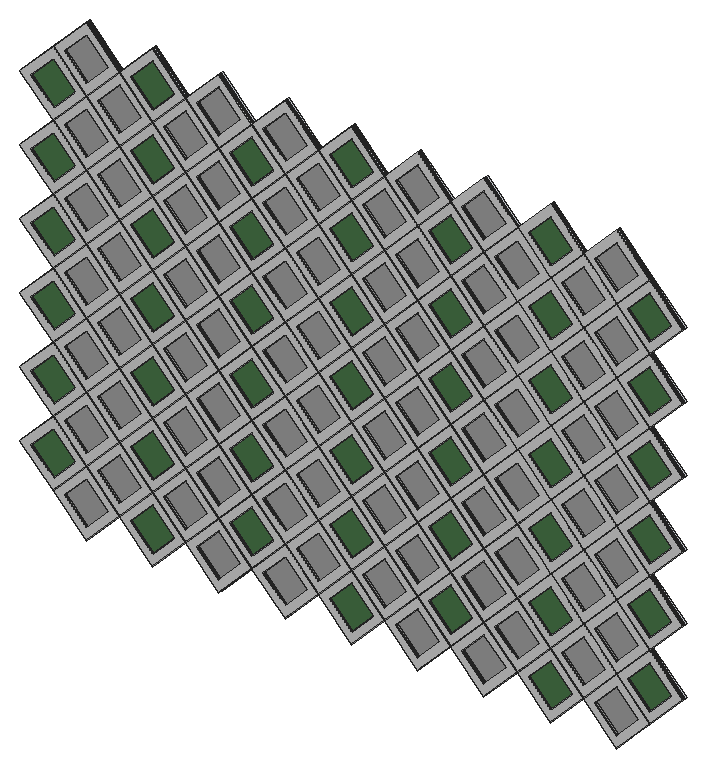
Revit family "SUR-STK-047_RITRATTO_RFA", category Modelos genéricos, Revit 2022 (continued)
Forms (in)
  Extrusion 322, solid
    sketch origin (127.27922, 0, 76.36753) x (1, 0, 0) y (0, 0, 1)
      loop
        line (11.31371, 8.48528) -> (16.97056, 2.82843) -> (22.62742, 8.48528) -> (16.97056, 14.14214) -> (11.31371, 8.48528)
      loop
        line (8.48528, 8.48528) -> (16.97056, 0) -> (25.45584, 8.48528) -> (16.97056, 16.97056) -> (8.48528, 8.48528)
    from 0.47244 to 0.94488
  Extrusion 323, solid
    sketch origin (127.27922, -0.5315, 76.36753) x (1, 0, 0) y (0, 0, 1)
      loop
        line (11.31371, 8.48528) -> (16.97056, 2.82843) -> (22.62742, 8.48528) -> (16.97056, 14.14214) -> (11.31371, 8.48528)
      loop
        line (8.48528, 8.48528) -> (16.97056, 0) -> (25.45584, 8.48528) -> (16.97056, 16.97056) -> (8.48528, 8.48528)
    from 0.41339 to 0.5315
  Extrusion 324, solid
    sketch origin (127.27922, 0.47244, 76.36753) x (1, 0, 0) y (0, 0, 1)
      loop
        line (8.48528, 8.48528) -> (16.97056, 0) -> (25.45584, 8.48528) -> (16.97056, 16.97056) -> (8.48528, 8.48528)
    from 0.47244 to 0.94488
  Extrusion 325, solid
    sketch origin (135.7645, 0, 67.88225) x (1, 0, 0) y (0, 0, 1)
      loop
        line (11.31371, 8.48528) -> (16.97056, 2.82843) -> (22.62742, 8.48528) -> (16.97056, 14.14214) -> (11.31371, 8.48528)
      loop
        line (8.48528, 8.48528) -> (16.97056, 0) -> (25.45584, 8.48528) -> (16.97056, 16.97056) -> (8.48528, 8.48528)
    from 0.47244 to 0.94488
  Extrusion 326, solid
    sketch origin (135.7645, -0.5315, 67.88225) x (1, 0, 0) y (0, 0, 1)
      loop
        line (11.31371, 8.48528) -> (16.97056, 2.82843) -> (22.62742, 8.48528) -> (16.97056, 14.14214) -> (11.31371, 8.48528)
      loop
        line (8.48528, 8.48528) -> (16.97056, 0) -> (25.45584, 8.48528) -> (16.97056, 16.97056) -> (8.48528, 8.48528)
    from 0.41339 to 0.5315
  Extrusion 327, solid
    sketch origin (135.7645, 0.47244, 67.88225) x (1, 0, 0) y (0, 0, 1)
      loop
        line (8.48528, 8.48528) -> (16.97056, 0) -> (25.45584, 8.48528) -> (16.97056, 16.97056) -> (8.48528, 8.48528)
    from 0.47244 to 0.94488
  Extrusion 328, solid
    sketch origin (0, 0, 84.85281) x (1, 0, 0) y (0, 0, 1)
      loop
        line (11.31371, 8.48528) -> (16.97056, 2.82843) -> (22.62742, 8.48528) -> (16.97056, 14.14214) -> (11.31371, 8.48528)
      loop
        line (8.48528, 8.48528) -> (16.97056, 0) -> (25.45584, 8.48528) -> (16.97056, 16.97056) -> (8.48528, 8.48528)
    from 0.47244 to 0.94488
  Extrusion 329, solid
    sketch origin (0, -0.5315, 84.85281) x (1, 0, 0) y (0, 0, 1)
      loop
        line (11.31371, 8.48528) -> (16.97056, 2.82843) -> (22.62742, 8.48528) -> (16.97056, 14.14214) -> (11.31371, 8.48528)
      loop
        line (8.48528, 8.48528) -> (16.97056, 0) -> (25.45584, 8.48528) -> (16.97056, 16.97056) -> (8.48528, 8.48528)
    from 0.41339 to 0.5315
  Extrusion 330, solid
    sketch origin (0, 0.47244, 84.85281) x (1, 0, 0) y (0, 0, 1)
      loop
        line (8.48528, 8.48528) -> (16.97056, 0) -> (25.45584, 8.48528) -> (16.97056, 16.97056) -> (8.48528, 8.48528)
    from 0.47244 to 0.94488
  Extrusion 331, solid
    sketch origin (-8.48528, 0, 93.3381) x (1, 0, 0) y (0, 0, 1)
      loop
        line (11.31371, 8.48528) -> (16.97056, 2.82843) -> (22.62742, 8.48528) -> (16.97056, 14.14214) -> (11.31371, 8.48528)
      loop
        line (8.48528, 8.48528) -> (16.97056, 0) -> (25.45584, 8.48528) -> (16.97056, 16.97056) -> (8.48528, 8.48528)
    from 0.47244 to 0.94488
  Extrusion 332, solid
    sketch origin (-8.48528, -0.5315, 93.3381) x (1, 0, 0) y (0, 0, 1)
      loop
        line (11.31371, 8.48528) -> (16.97056, 2.82843) -> (22.62742, 8.48528) -> (16.97056, 14.14214) -> (11.31371, 8.48528)
      loop
        line (8.48528, 8.48528) -> (16.97056, 0) -> (25.45584, 8.48528) -> (16.97056, 16.97056) -> (8.48528, 8.48528)
    from 0.41339 to 0.5315
  Extrusion 333, solid
    sketch origin (-8.48528, 0.47244, 93.3381) x (1, 0, 0) y (0, 0, 1)
      loop
        line (8.48528, 8.48528) -> (16.97056, 0) -> (25.45584, 8.48528) -> (16.97056, 16.97056) -> (8.48528, 8.48528)
    from 0.47244 to 0.94488
  Extrusion 334, solid
    sketch origin (0, 0, 84.85281) x (1, 0, 0) y (0, 0, 1)
      loop
        line (8.48528, 11.31371) -> (14.14214, 16.97056) -> (8.48528, 22.62742) -> (2.82843, 16.97056) -> (8.48528, 11.31371)
    from 0.47244 to 0.70866
  Extrusion 335, solid
    sketch origin (8.48528, 0, 93.3381) x (1, 0, 0) y (0, 0, 1)
      loop
        line (11.31371, 8.48528) -> (16.97056, 2.82843) -> (22.62742, 8.48528) -> (16.97056, 14.14214) -> (11.31371, 8.48528)
      loop
        line (8.48528, 8.48528) -> (16.97056, 0) -> (25.45584, 8.48528) -> (16.97056, 16.97056) -> (8.48528, 8.48528)
    from 0.47244 to 0.94488
  Extrusion 336, solid
    sketch origin (8.48528, -0.5315, 93.3381) x (1, 0, 0) y (0, 0, 1)
      loop
        line (11.31371, 8.48528) -> (16.97056, 2.82843) -> (22.62742, 8.48528) -> (16.97056, 14.14214) -> (11.31371, 8.48528)
      loop
        line (8.48528, 8.48528) -> (16.97056, 0) -> (25.45584, 8.48528) -> (16.97056, 16.97056) -> (8.48528, 8.48528)
    from 0.41339 to 0.5315
  Extrusion 337, solid
    sketch origin (8.48528, 0.47244, 93.3381) x (1, 0, 0) y (0, 0, 1)
      loop
        line (8.48528, 8.48528) -> (16.97056, 0) -> (25.45584, 8.48528) -> (16.97056, 16.97056) -> (8.48528, 8.48528)
    from 0.47244 to 0.94488
  Extrusion 338, solid
    sketch origin (16.97056, 0, 84.85281) x (1, 0, 0) y (0, 0, 1)
      loop
        line (11.31371, 8.48528) -> (16.97056, 2.82843) -> (22.62742, 8.48528) -> (16.97056, 14.14214) -> (11.31371, 8.48528)
      loop
        line (8.48528, 8.48528) -> (16.97056, 0) -> (25.45584, 8.48528) -> (16.97056, 16.97056) -> (8.48528, 8.48528)
    from 0.47244 to 0.94488
  Extrusion 339, solid
    sketch origin (16.97056, -0.5315, 84.85281) x (1, 0, 0) y (0, 0, 1)
      loop
        line (11.31371, 8.48528) -> (16.97056, 2.82843) -> (22.62742, 8.48528) -> (16.97056, 14.14214) -> (11.31371, 8.48528)
      loop
        line (8.48528, 8.48528) -> (16.97056, 0) -> (25.45584, 8.48528) -> (16.97056, 16.97056) -> (8.48528, 8.48528)
    from 0.41339 to 0.5315
  Extrusion 340, solid
    sketch origin (16.97056, 0.47244, 84.85281) x (1, 0, 0) y (0, 0, 1)
      loop
        line (8.48528, 8.48528) -> (16.97056, 0) -> (25.45584, 8.48528) -> (16.97056, 16.97056) -> (8.48528, 8.48528)
    from 0.47244 to 0.94488
  Extrusion 341, solid
    sketch origin (25.45584, 0, 76.36753) x (1, 0, 0) y (0, 0, 1)
      loop
        line (8.48528, 11.31371) -> (14.14214, 16.97056) -> (8.48528, 22.62742) -> (2.82843, 16.97056) -> (8.48528, 11.31371)
    from 0.47244 to 0.70866
  Extrusion 342, solid
    sketch origin (33.94113, 0, 84.85281) x (1, 0, 0) y (0, 0, 1)
      loop
        line (11.31371, 8.48528) -> (16.97056, 2.82843) -> (22.62742, 8.48528) -> (16.97056, 14.14214) -> (11.31371, 8.48528)
      loop
        line (8.48528, 8.48528) -> (16.97056, 0) -> (25.45584, 8.48528) -> (16.97056, 16.97056) -> (8.48528, 8.48528)
    from 0.47244 to 0.94488
  Extrusion 343, solid
    sketch origin (33.94113, -0.5315, 84.85281) x (1, 0, 0) y (0, 0, 1)
      loop
        line (11.31371, 8.48528) -> (16.97056, 2.82843) -> (22.62742, 8.48528) -> (16.97056, 14.14214) -> (11.31371, 8.48528)
      loop
        line (8.48528, 8.48528) -> (16.97056, 0) -> (25.45584, 8.48528) -> (16.97056, 16.97056) -> (8.48528, 8.48528)
    from 0.41339 to 0.5315
  Extrusion 344, solid
    sketch origin (33.94113, 0.47244, 84.85281) x (1, 0, 0) y (0, 0, 1)
      loop
        line (8.48528, 8.48528) -> (16.97056, 0) -> (25.45584, 8.48528) -> (16.97056, 16.97056) -> (8.48528, 8.48528)
    from 0.47244 to 0.94488
  Extrusion 345, solid
    sketch origin (50.91169, 0, 84.85281) x (1, 0, 0) y (0, 0, 1)
      loop
        line (11.31371, 8.48528) -> (16.97056, 2.82843) -> (22.62742, 8.48528) -> (16.97056, 14.14214) -> (11.31371, 8.48528)
      loop
        line (8.48528, 8.48528) -> (16.97056, 0) -> (25.45584, 8.48528) -> (16.97056, 16.97056) -> (8.48528, 8.48528)
    from 0.47244 to 0.94488
  Extrusion 346, solid
    sketch origin (50.91169, -0.5315, 84.85281) x (1, 0, 0) y (0, 0, 1)
      loop
        line (11.31371, 8.48528) -> (16.97056, 2.82843) -> (22.62742, 8.48528) -> (16.97056, 14.14214) -> (11.31371, 8.48528)
      loop
        line (8.48528, 8.48528) -> (16.97056, 0) -> (25.45584, 8.48528) -> (16.97056, 16.97056) -> (8.48528, 8.48528)
    from 0.41339 to 0.5315
  Extrusion 347, solid
    sketch origin (50.91169, 0.47244, 84.85281) x (1, 0, 0) y (0, 0, 1)
      loop
        line (8.48528, 8.48528) -> (16.97056, 0) -> (25.45584, 8.48528) -> (16.97056, 16.97056) -> (8.48528, 8.48528)
    from 0.47244 to 0.94488
  Extrusion 348, solid
    sketch origin (25.45584, 0, 93.3381) x (1, 0, 0) y (0, 0, 1)
      loop
        line (11.31371, 8.48528) -> (16.97056, 2.82843) -> (22.62742, 8.48528) -> (16.97056, 14.14214) -> (11.31371, 8.48528)
      loop
        line (8.48528, 8.48528) -> (16.97056, 0) -> (25.45584, 8.48528) -> (16.97056, 16.97056) -> (8.48528, 8.48528)
    from 0.47244 to 0.94488
  Extrusion 349, solid
    sketch origin (25.45584, -0.5315, 93.3381) x (1, 0, 0) y (0, 0, 1)
      loop
        line (11.31371, 8.48528) -> (16.97056, 2.82843) -> (22.62742, 8.48528) -> (16.97056, 14.14214) -> (11.31371, 8.48528)
      loop
        line (8.48528, 8.48528) -> (16.97056, 0) -> (25.45584, 8.48528) -> (16.97056, 16.97056) -> (8.48528, 8.48528)
    from 0.41339 to 0.5315
  Extrusion 350, solid
    sketch origin (25.45584, 0.47244, 93.3381) x (1, 0, 0) y (0, 0, 1)
      loop
        line (8.48528, 8.48528) -> (16.97056, 0) -> (25.45584, 8.48528) -> (16.97056, 16.97056) -> (8.48528, 8.48528)
    from 0.47244 to 0.94488
  Extrusion 351, solid
    sketch origin (59.39697, 0, 93.3381) x (1, 0, 0) y (0, 0, 1)
      loop
        line (11.31371, 8.48528) -> (16.97056, 2.82843) -> (22.62742, 8.48528) -> (16.97056, 14.14214) -> (11.31371, 8.48528)
      loop
        line (8.48528, 8.48528) -> (16.97056, 0) -> (25.45584, 8.48528) -> (16.97056, 16.97056) -> (8.48528, 8.48528)
    from 0.47244 to 0.94488
  Extrusion 352, solid
    sketch origin (59.39697, -0.5315, 93.3381) x (1, 0, 0) y (0, 0, 1)
      loop
        line (11.31371, 8.48528) -> (16.97056, 2.82843) -> (22.62742, 8.48528) -> (16.97056, 14.14214) -> (11.31371, 8.48528)
      loop
        line (8.48528, 8.48528) -> (16.97056, 0) -> (25.45584, 8.48528) -> (16.97056, 16.97056) -> (8.48528, 8.48528)
    from 0.41339 to 0.5315
  Extrusion 353, solid
    sketch origin (59.39697, 0.47244, 93.3381) x (1, 0, 0) y (0, 0, 1)
      loop
        line (8.48528, 8.48528) -> (16.97056, 0) -> (25.45584, 8.48528) -> (16.97056, 16.97056) -> (8.48528, 8.48528)
    from 0.47244 to 0.94488
  Extrusion 354, solid
    sketch origin (42.42641, 0, 93.3381) x (1, 0, 0) y (0, 0, 1)
      loop
        line (11.31371, 8.48528) -> (16.97056, 2.82843) -> (22.62742, 8.48528) -> (16.97056, 14.14214) -> (11.31371, 8.48528)
      loop
        line (8.48528, 8.48528) -> (16.97056, 0) -> (25.45584, 8.48528) -> (16.97056, 16.97056) -> (8.48528, 8.48528)
    from 0.47244 to 0.94488
  Extrusion 355, solid
    sketch origin (42.42641, -0.5315, 93.3381) x (1, 0, 0) y (0, 0, 1)
      loop
        line (11.31371, 8.48528) -> (16.97056, 2.82843) -> (22.62742, 8.48528) -> (16.97056, 14.14214) -> (11.31371, 8.48528)
      loop
        line (8.48528, 8.48528) -> (16.97056, 0) -> (25.45584, 8.48528) -> (16.97056, 16.97056) -> (8.48528, 8.48528)
    from 0.41339 to 0.5315
  Extrusion 356, solid
    sketch origin (42.42641, 0.47244, 93.3381) x (1, 0, 0) y (0, 0, 1)
      loop
        line (8.48528, 8.48528) -> (16.97056, 0) -> (25.45584, 8.48528) -> (16.97056, 16.97056) -> (8.48528, 8.48528)
    from 0.47244 to 0.94488
  Extrusion 357, solid
    sketch origin (50.91169, 0, 84.85281) x (1, 0, 0) y (0, 0, 1)
      loop
        line (8.48528, 11.31371) -> (14.14214, 16.97056) -> (8.48528, 22.62742) -> (2.82843, 16.97056) -> (8.48528, 11.31371)
    from 0.47244 to 0.70866
  Extrusion 358, solid
    sketch origin (67.88225, 0, 84.85281) x (1, 0, 0) y (0, 0, 1)
      loop
        line (11.31371, 8.48528) -> (16.97056, 2.82843) -> (22.62742, 8.48528) -> (16.97056, 14.14214) -> (11.31371, 8.48528)
      loop
        line (8.48528, 8.48528) -> (16.97056, 0) -> (25.45584, 8.48528) -> (16.97056, 16.97056) -> (8.48528, 8.48528)
    from 0.47244 to 0.94488
  Extrusion 359, solid
    sketch origin (67.88225, -0.5315, 84.85281) x (1, 0, 0) y (0, 0, 1)
      loop
        line (11.31371, 8.48528) -> (16.97056, 2.82843) -> (22.62742, 8.48528) -> (16.97056, 14.14214) -> (11.31371, 8.48528)
      loop
        line (8.48528, 8.48528) -> (16.97056, 0) -> (25.45584, 8.48528) -> (16.97056, 16.97056) -> (8.48528, 8.48528)
    from 0.41339 to 0.5315
  Extrusion 360, solid
    sketch origin (67.88225, 0.47244, 84.85281) x (1, 0, 0) y (0, 0, 1)
      loop
        line (8.48528, 8.48528) -> (16.97056, 0) -> (25.45584, 8.48528) -> (16.97056, 16.97056) -> (8.48528, 8.48528)
    from 0.47244 to 0.94488
  Extrusion 361, solid
    sketch origin (76.36753, 0, 76.36753) x (1, 0, 0) y (0, 0, 1)
      loop
        line (8.48528, 11.31371) -> (14.14214, 16.97056) -> (8.48528, 22.62742) -> (2.82843, 16.97056) -> (8.48528, 11.31371)
    from 0.47244 to 0.70866
  Extrusion 362, solid
    sketch origin (76.36753, 0, 93.3381) x (1, 0, 0) y (0, 0, 1)
      loop
        line (11.31371, 8.48528) -> (16.97056, 2.82843) -> (22.62742, 8.48528) -> (16.97056, 14.14214) -> (11.31371, 8.48528)
      loop
        line (8.48528, 8.48528) -> (16.97056, 0) -> (25.45584, 8.48528) -> (16.97056, 16.97056) -> (8.48528, 8.48528)
    from 0.47244 to 0.94488
  Extrusion 363, solid
    sketch origin (76.36753, -0.5315, 93.3381) x (1, 0, 0) y (0, 0, 1)
      loop
        line (11.31371, 8.48528) -> (16.97056, 2.82843) -> (22.62742, 8.48528) -> (16.97056, 14.14214) -> (11.31371, 8.48528)
      loop
        line (8.48528, 8.48528) -> (16.97056, 0) -> (25.45584, 8.48528) -> (16.97056, 16.97056) -> (8.48528, 8.48528)
    from 0.41339 to 0.5315
  Extrusion 364, solid
    sketch origin (76.36753, 0.47244, 93.3381) x (1, 0, 0) y (0, 0, 1)
      loop
        line (8.48528, 8.48528) -> (16.97056, 0) -> (25.45584, 8.48528) -> (16.97056, 16.97056) -> (8.48528, 8.48528)
    from 0.47244 to 0.94488
  Extrusion 365, solid
    sketch origin (84.85281, 0, 84.85281) x (1, 0, 0) y (0, 0, 1)
      loop
        line (11.31371, 8.48528) -> (16.97056, 2.82843) -> (22.62742, 8.48528) -> (16.97056, 14.14214) -> (11.31371, 8.48528)
      loop
        line (8.48528, 8.48528) -> (16.97056, 0) -> (25.45584, 8.48528) -> (16.97056, 16.97056) -> (8.48528, 8.48528)
    from 0.47244 to 0.94488
  Extrusion 366, solid
    sketch origin (84.85281, -0.5315, 84.85281) x (1, 0, 0) y (0, 0, 1)
      loop
        line (11.31371, 8.48528) -> (16.97056, 2.82843) -> (22.62742, 8.48528) -> (16.97056, 14.14214) -> (11.31371, 8.48528)
      loop
        line (8.48528, 8.48528) -> (16.97056, 0) -> (25.45584, 8.48528) -> (16.97056, 16.97056) -> (8.48528, 8.48528)
    from 0.41339 to 0.5315
  Extrusion 367, solid
    sketch origin (84.85281, 0.47244, 84.85281) x (1, 0, 0) y (0, 0, 1)
      loop
        line (8.48528, 8.48528) -> (16.97056, 0) -> (25.45584, 8.48528) -> (16.97056, 16.97056) -> (8.48528, 8.48528)
    from 0.47244 to 0.94488
  Extrusion 368, solid
    sketch origin (101.82338, 0, 84.85281) x (1, 0, 0) y (0, 0, 1)
      loop
        line (11.31371, 8.48528) -> (16.97056, 2.82843) -> (22.62742, 8.48528) -> (16.97056, 14.14214) -> (11.31371, 8.48528)
      loop
        line (8.48528, 8.48528) -> (16.97056, 0) -> (25.45584, 8.48528) -> (16.97056, 16.97056) -> (8.48528, 8.48528)
    from 0.47244 to 0.94488
  Extrusion 369, solid
    sketch origin (101.82338, -0.5315, 84.85281) x (1, 0, 0) y (0, 0, 1)
      loop
        line (11.31371, 8.48528) -> (16.97056, 2.82843) -> (22.62742, 8.48528) -> (16.97056, 14.14214) -> (11.31371, 8.48528)
      loop
        line (8.48528, 8.48528) -> (16.97056, 0) -> (25.45584, 8.48528) -> (16.97056, 16.97056) -> (8.48528, 8.48528)
    from 0.41339 to 0.5315
  Extrusion 370, solid
    sketch origin (101.82338, 0.47244, 84.85281) x (1, 0, 0) y (0, 0, 1)
      loop
        line (8.48528, 8.48528) -> (16.97056, 0) -> (25.45584, 8.48528) -> (16.97056, 16.97056) -> (8.48528, 8.48528)
    from 0.47244 to 0.94488
  Extrusion 371, solid
    sketch origin (110.30866, 0, 93.3381) x (1, 0, 0) y (0, 0, 1)
      loop
        line (11.31371, 8.48528) -> (16.97056, 2.82843) -> (22.62742, 8.48528) -> (16.97056, 14.14214) -> (11.31371, 8.48528)
      loop
        line (8.48528, 8.48528) -> (16.97056, 0) -> (25.45584, 8.48528) -> (16.97056, 16.97056) -> (8.48528, 8.48528)
    from 0.47244 to 0.94488
  Extrusion 372, solid
    sketch origin (110.30866, -0.5315, 93.3381) x (1, 0, 0) y (0, 0, 1)
      loop
        line (11.31371, 8.48528) -> (16.97056, 2.82843) -> (22.62742, 8.48528) -> (16.97056, 14.14214) -> (11.31371, 8.48528)
      loop
        line (8.48528, 8.48528) -> (16.97056, 0) -> (25.45584, 8.48528) -> (16.97056, 16.97056) -> (8.48528, 8.48528)
    from 0.41339 to 0.5315
  Extrusion 373, solid
    sketch origin (110.30866, 0.47244, 93.3381) x (1, 0, 0) y (0, 0, 1)
      loop
        line (8.48528, 8.48528) -> (16.97056, 0) -> (25.45584, 8.48528) -> (16.97056, 16.97056) -> (8.48528, 8.48528)
    from 0.47244 to 0.94488
  Extrusion 374, solid
    sketch origin (93.3381, 0, 93.3381) x (1, 0, 0) y (0, 0, 1)
      loop
        line (11.31371, 8.48528) -> (16.97056, 2.82843) -> (22.62742, 8.48528) -> (16.97056, 14.14214) -> (11.31371, 8.48528)
      loop
        line (8.48528, 8.48528) -> (16.97056, 0) -> (25.45584, 8.48528) -> (16.97056, 16.97056) -> (8.48528, 8.48528)
    from 0.47244 to 0.94488
  Extrusion 375, solid
    sketch origin (93.3381, -0.5315, 93.3381) x (1, 0, 0) y (0, 0, 1)
      loop
        line (11.31371, 8.48528) -> (16.97056, 2.82843) -> (22.62742, 8.48528) -> (16.97056, 14.14214) -> (11.31371, 8.48528)
      loop
        line (8.48528, 8.48528) -> (16.97056, 0) -> (25.45584, 8.48528) -> (16.97056, 16.97056) -> (8.48528, 8.48528)
    from 0.41339 to 0.5315
  Extrusion 376, solid
    sketch origin (93.3381, 0.47244, 93.3381) x (1, 0, 0) y (0, 0, 1)
      loop
        line (8.48528, 8.48528) -> (16.97056, 0) -> (25.45584, 8.48528) -> (16.97056, 16.97056) -> (8.48528, 8.48528)
    from 0.47244 to 0.94488
  Extrusion 377, solid
    sketch origin (101.82338, 0, 84.85281) x (1, 0, 0) y (0, 0, 1)
      loop
        line (8.48528, 11.31371) -> (14.14214, 16.97056) -> (8.48528, 22.62742) -> (2.82843, 16.97056) -> (8.48528, 11.31371)
    from 0.47244 to 0.70866
  Extrusion 378, solid
    sketch origin (118.79394, 0, 84.85281) x (1, 0, 0) y (0, 0, 1)
      loop
        line (11.31371, 8.48528) -> (16.97056, 2.82843) -> (22.62742, 8.48528) -> (16.97056, 14.14214) -> (11.31371, 8.48528)
      loop
        line (8.48528, 8.48528) -> (16.97056, 0) -> (25.45584, 8.48528) -> (16.97056, 16.97056) -> (8.48528, 8.48528)
    from 0.47244 to 0.94488
  Extrusion 379, solid
    sketch origin (118.79394, -0.5315, 84.85281) x (1, 0, 0) y (0, 0, 1)
      loop
        line (11.31371, 8.48528) -> (16.97056, 2.82843) -> (22.62742, 8.48528) -> (16.97056, 14.14214) -> (11.31371, 8.48528)
      loop
        line (8.48528, 8.48528) -> (16.97056, 0) -> (25.45584, 8.48528) -> (16.97056, 16.97056) -> (8.48528, 8.48528)
    from 0.41339 to 0.5315
  Extrusion 380, solid
    sketch origin (118.79394, 0.47244, 84.85281) x (1, 0, 0) y (0, 0, 1)
      loop
        line (8.48528, 8.48528) -> (16.97056, 0) -> (25.45584, 8.48528) -> (16.97056, 16.97056) -> (8.48528, 8.48528)
    from 0.47244 to 0.94488
  Extrusion 381, solid
    sketch origin (127.27922, 0, 76.36753) x (1, 0, 0) y (0, 0, 1)
      loop
        line (8.48528, 11.31371) -> (14.14214, 16.97056) -> (8.48528, 22.62742) -> (2.82843, 16.97056) -> (8.48528, 11.31371)
    from 0.47244 to 0.70866
  Extrusion 382, solid
    sketch origin (144.24978, 0, 93.3381) x (1, 0, 0) y (0, 0, 1)
      loop
        line (11.31371, 8.48528) -> (16.97056, 2.82843) -> (22.62742, 8.48528) -> (16.97056, 14.14214) -> (11.31371, 8.48528)
      loop
        line (8.48528, 8.48528) -> (16.97056, 0) -> (25.45584, 8.48528) -> (16.97056, 16.97056) -> (8.48528, 8.48528)
    from 0.47244 to 0.94488
  Extrusion 383, solid
    sketch origin (144.24978, -0.5315, 93.3381) x (1, 0, 0) y (0, 0, 1)
      loop
        line (11.31371, 8.48528) -> (16.97056, 2.82843) -> (22.62742, 8.48528) -> (16.97056, 14.14214) -> (11.31371, 8.48528)
      loop
        line (8.48528, 8.48528) -> (16.97056, 0) -> (25.45584, 8.48528) -> (16.97056, 16.97056) -> (8.48528, 8.48528)
    from 0.41339 to 0.5315
  Extrusion 384, solid
    sketch origin (144.24978, 0.47244, 93.3381) x (1, 0, 0) y (0, 0, 1)
      loop
        line (8.48528, 8.48528) -> (16.97056, 0) -> (25.45584, 8.48528) -> (16.97056, 16.97056) -> (8.48528, 8.48528)
    from 0.47244 to 0.94488
  Extrusion 385, solid
    sketch origin (152.73506, 0, 84.85281) x (1, 0, 0) y (0, 0, 1)
      loop
        line (8.48528, 11.31371) -> (14.14214, 16.97056) -> (8.48528, 22.62742) -> (2.82843, 16.97056) -> (8.48528, 11.31371)
    from 0.47244 to 0.70866
  Extrusion 386, solid
    sketch origin (127.27922, 0, 93.3381) x (1, 0, 0) y (0, 0, 1)
      loop
        line (11.31371, 8.48528) -> (16.97056, 2.82843) -> (22.62742, 8.48528) -> (16.97056, 14.14214) -> (11.31371, 8.48528)
      loop
        line (8.48528, 8.48528) -> (16.97056, 0) -> (25.45584, 8.48528) -> (16.97056, 16.97056) -> (8.48528, 8.48528)
    from 0.47244 to 0.94488
  Extrusion 387, solid
    sketch origin (127.27922, -0.5315, 93.3381) x (1, 0, 0) y (0, 0, 1)
      loop
        line (11.31371, 8.48528) -> (16.97056, 2.82843) -> (22.62742, 8.48528) -> (16.97056, 14.14214) -> (11.31371, 8.48528)
      loop
        line (8.48528, 8.48528) -> (16.97056, 0) -> (25.45584, 8.48528) -> (16.97056, 16.97056) -> (8.48528, 8.48528)
    from 0.41339 to 0.5315
  Extrusion 388, solid
    sketch origin (127.27922, 0.47244, 93.3381) x (1, 0, 0) y (0, 0, 1)
      loop
        line (8.48528, 8.48528) -> (16.97056, 0) -> (25.45584, 8.48528) -> (16.97056, 16.97056) -> (8.48528, 8.48528)
    from 0.47244 to 0.94488
  Extrusion 389, solid
    sketch origin (135.7645, 0, 84.85281) x (1, 0, 0) y (0, 0, 1)
      loop
        line (11.31371, 8.48528) -> (16.97056, 2.82843) -> (22.62742, 8.48528) -> (16.97056, 14.14214) -> (11.31371, 8.48528)
      loop
        line (8.48528, 8.48528) -> (16.97056, 0) -> (25.45584, 8.48528) -> (16.97056, 16.97056) -> (8.48528, 8.48528)
    from 0.47244 to 0.94488
  Extrusion 390, solid
    sketch origin (135.7645, -0.5315, 84.85281) x (1, 0, 0) y (0, 0, 1)
      loop
        line (11.31371, 8.48528) -> (16.97056, 2.82843) -> (22.62742, 8.48528) -> (16.97056, 14.14214) -> (11.31371, 8.48528)
      loop
        line (8.48528, 8.48528) -> (16.97056, 0) -> (25.45584, 8.48528) -> (16.97056, 16.97056) -> (8.48528, 8.48528)
    from 0.41339 to 0.5315
  Extrusion 391, solid
    sketch origin (135.7645, 0.47244, 84.85281) x (1, 0, 0) y (0, 0, 1)
      loop
        line (8.48528, 8.48528) -> (16.97056, 0) -> (25.45584, 8.48528) -> (16.97056, 16.97056) -> (8.48528, 8.48528)
    from 0.47244 to 0.94488
  Extrusion 392, solid
    sketch origin (0, 0, 101.82338) x (1, 0, 0) y (0, 0, 1)
      loop
        line (11.31371, 8.48528) -> (16.97056, 2.82843) -> (22.62742, 8.48528) -> (16.97056, 14.14214) -> (11.31371, 8.48528)
      loop
        line (8.48528, 8.48528) -> (16.97056, 0) -> (25.45584, 8.48528) -> (16.97056, 16.97056) -> (8.48528, 8.48528)
    from 0.47244 to 0.94488
  Extrusion 393, solid
    sketch origin (0, -0.5315, 101.82338) x (1, 0, 0) y (0, 0, 1)
      loop
        line (11.31371, 8.48528) -> (16.97056, 2.82843) -> (22.62742, 8.48528) -> (16.97056, 14.14214) -> (11.31371, 8.48528)
      loop
        line (8.48528, 8.48528) -> (16.97056, 0) -> (25.45584, 8.48528) -> (16.97056, 16.97056) -> (8.48528, 8.48528)
    from 0.41339 to 0.5315
  Extrusion 394, solid
    sketch origin (0, 0.47244, 101.82338) x (1, 0, 0) y (0, 0, 1)
      loop
        line (8.48528, 8.48528) -> (16.97056, 0) -> (25.45584, 8.48528) -> (16.97056, 16.97056) -> (8.48528, 8.48528)
    from 0.47244 to 0.94488
  Extrusion 395, solid
    sketch origin (16.97056, 0, 101.82338) x (1, 0, 0) y (0, 0, 1)
      loop
        line (11.31371, 8.48528) -> (16.97056, 2.82843) -> (22.62742, 8.48528) -> (16.97056, 14.14214) -> (11.31371, 8.48528)
      loop
        line (8.48528, 8.48528) -> (16.97056, 0) -> (25.45584, 8.48528) -> (16.97056, 16.97056) -> (8.48528, 8.48528)
    from 0.47244 to 0.94488
  Extrusion 396, solid
    sketch origin (16.97056, -0.5315, 101.82338) x (1, 0, 0) y (0, 0, 1)
      loop
        line (11.31371, 8.48528) -> (16.97056, 2.82843) -> (22.62742, 8.48528) -> (16.97056, 14.14214) -> (11.31371, 8.48528)
      loop
        line (8.48528, 8.48528) -> (16.97056, 0) -> (25.45584, 8.48528) -> (16.97056, 16.97056) -> (8.48528, 8.48528)
    from 0.41339 to 0.5315
  Extrusion 397, solid
    sketch origin (16.97056, 0.47244, 101.82338) x (1, 0, 0) y (0, 0, 1)
      loop
        line (8.48528, 8.48528) -> (16.97056, 0) -> (25.45584, 8.48528) -> (16.97056, 16.97056) -> (8.48528, 8.48528)
    from 0.47244 to 0.94488
  Extrusion 398, solid
    sketch origin (25.45584, 0, 93.3381) x (1, 0, 0) y (0, 0, 1)
      loop
        line (8.48528, 11.31371) -> (14.14214, 16.97056) -> (8.48528, 22.62742) -> (2.82843, 16.97056) -> (8.48528, 11.31371)
    from 0.47244 to 0.70866
  Extrusion 399, solid
    sketch origin (33.94113, 0, 101.82338) x (1, 0, 0) y (0, 0, 1)
      loop
        line (11.31371, 8.48528) -> (16.97056, 2.82843) -> (22.62742, 8.48528) -> (16.97056, 14.14214) -> (11.31371, 8.48528)
      loop
        line (8.48528, 8.48528) -> (16.97056, 0) -> (25.45584, 8.48528) -> (16.97056, 16.97056) -> (8.48528, 8.48528)
    from 0.47244 to 0.94488
  Extrusion 400, solid
    sketch origin (33.94113, -0.5315, 101.82338) x (1, 0, 0) y (0, 0, 1)
      loop
        line (11.31371, 8.48528) -> (16.97056, 2.82843) -> (22.62742, 8.48528) -> (16.97056, 14.14214) -> (11.31371, 8.48528)
      loop
        line (8.48528, 8.48528) -> (16.97056, 0) -> (25.45584, 8.48528) -> (16.97056, 16.97056) -> (8.48528, 8.48528)
    from 0.41339 to 0.5315
  Extrusion 401, solid
    sketch origin (33.94113, 0.47244, 101.82338) x (1, 0, 0) y (0, 0, 1)
      loop
        line (8.48528, 8.48528) -> (16.97056, 0) -> (25.45584, 8.48528) -> (16.97056, 16.97056) -> (8.48528, 8.48528)
    from 0.47244 to 0.94488
  Extrusion 402, solid
    sketch origin (50.91169, 0, 101.82338) x (1, 0, 0) y (0, 0, 1)
      loop
        line (11.31371, 8.48528) -> (16.97056, 2.82843) -> (22.62742, 8.48528) -> (16.97056, 14.14214) -> (11.31371, 8.48528)
      loop
        line (8.48528, 8.48528) -> (16.97056, 0) -> (25.45584, 8.48528) -> (16.97056, 16.97056) -> (8.48528, 8.48528)
    from 0.47244 to 0.94488
  Extrusion 403, solid
    sketch origin (50.91169, -0.5315, 101.82338) x (1, 0, 0) y (0, 0, 1)
      loop
        line (11.31371, 8.48528) -> (16.97056, 2.82843) -> (22.62742, 8.48528) -> (16.97056, 14.14214) -> (11.31371, 8.48528)
      loop
        line (8.48528, 8.48528) -> (16.97056, 0) -> (25.45584, 8.48528) -> (16.97056, 16.97056) -> (8.48528, 8.48528)
    from 0.41339 to 0.5315
  Extrusion 404, solid
    sketch origin (50.91169, 0.47244, 101.82338) x (1, 0, 0) y (0, 0, 1)
      loop
        line (8.48528, 8.48528) -> (16.97056, 0) -> (25.45584, 8.48528) -> (16.97056, 16.97056) -> (8.48528, 8.48528)
    from 0.47244 to 0.94488
  Extrusion 405, solid
    sketch origin (67.88225, 0, 101.82338) x (1, 0, 0) y (0, 0, 1)
      loop
        line (11.31371, 8.48528) -> (16.97056, 2.82843) -> (22.62742, 8.48528) -> (16.97056, 14.14214) -> (11.31371, 8.48528)
      loop
        line (8.48528, 8.48528) -> (16.97056, 0) -> (25.45584, 8.48528) -> (16.97056, 16.97056) -> (8.48528, 8.48528)
    from 0.47244 to 0.94488
  Extrusion 406, solid
    sketch origin (67.88225, -0.5315, 101.82338) x (1, 0, 0) y (0, 0, 1)
      loop
        line (11.31371, 8.48528) -> (16.97056, 2.82843) -> (22.62742, 8.48528) -> (16.97056, 14.14214) -> (11.31371, 8.48528)
      loop
        line (8.48528, 8.48528) -> (16.97056, 0) -> (25.45584, 8.48528) -> (16.97056, 16.97056) -> (8.48528, 8.48528)
    from 0.41339 to 0.5315
  Extrusion 407, solid
    sketch origin (67.88225, 0.47244, 101.82338) x (1, 0, 0) y (0, 0, 1)
      loop
        line (8.48528, 8.48528) -> (16.97056, 0) -> (25.45584, 8.48528) -> (16.97056, 16.97056) -> (8.48528, 8.48528)
    from 0.47244 to 0.94488
  Extrusion 408, solid
    sketch origin (76.36753, 0, 93.3381) x (1, 0, 0) y (0, 0, 1)
      loop
        line (8.48528, 11.31371) -> (14.14214, 16.97056) -> (8.48528, 22.62742) -> (2.82843, 16.97056) -> (8.48528, 11.31371)
    from 0.47244 to 0.70866
  Extrusion 409, solid
    sketch origin (84.85281, 0, 101.82338) x (1, 0, 0) y (0, 0, 1)
      loop
        line (11.31371, 8.48528) -> (16.97056, 2.82843) -> (22.62742, 8.48528) -> (16.97056, 14.14214) -> (11.31371, 8.48528)
      loop
        line (8.48528, 8.48528) -> (16.97056, 0) -> (25.45584, 8.48528) -> (16.97056, 16.97056) -> (8.48528, 8.48528)
    from 0.47244 to 0.94488
  Extrusion 410, solid
    sketch origin (84.85281, -0.5315, 101.82338) x (1, 0, 0) y (0, 0, 1)
      loop
        line (11.31371, 8.48528) -> (16.97056, 2.82843) -> (22.62742, 8.48528) -> (16.97056, 14.14214) -> (11.31371, 8.48528)
      loop
        line (8.48528, 8.48528) -> (16.97056, 0) -> (25.45584, 8.48528) -> (16.97056, 16.97056) -> (8.48528, 8.48528)
    from 0.41339 to 0.5315
  Extrusion 411, solid
    sketch origin (84.85281, 0.47244, 101.82338) x (1, 0, 0) y (0, 0, 1)
      loop
        line (8.48528, 8.48528) -> (16.97056, 0) -> (25.45584, 8.48528) -> (16.97056, 16.97056) -> (8.48528, 8.48528)
    from 0.47244 to 0.94488
  Extrusion 412, solid
    sketch origin (101.82338, 0, 101.82338) x (1, 0, 0) y (0, 0, 1)
      loop
        line (11.31371, 8.48528) -> (16.97056, 2.82843) -> (22.62742, 8.48528) -> (16.97056, 14.14214) -> (11.31371, 8.48528)
      loop
        line (8.48528, 8.48528) -> (16.97056, 0) -> (25.45584, 8.48528) -> (16.97056, 16.97056) -> (8.48528, 8.48528)
    from 0.47244 to 0.94488
  Extrusion 413, solid
    sketch origin (101.82338, -0.5315, 101.82338) x (1, 0, 0) y (0, 0, 1)
      loop
        line (11.31371, 8.48528) -> (16.97056, 2.82843) -> (22.62742, 8.48528) -> (16.97056, 14.14214) -> (11.31371, 8.48528)
      loop
        line (8.48528, 8.48528) -> (16.97056, 0) -> (25.45584, 8.48528) -> (16.97056, 16.97056) -> (8.48528, 8.48528)
    from 0.41339 to 0.5315
  Extrusion 414, solid
    sketch origin (101.82338, 0.47244, 101.82338) x (1, 0, 0) y (0, 0, 1)
      loop
        line (8.48528, 8.48528) -> (16.97056, 0) -> (25.45584, 8.48528) -> (16.97056, 16.97056) -> (8.48528, 8.48528)
    from 0.47244 to 0.94488
  Extrusion 415, solid
    sketch origin (118.79394, 0, 101.82338) x (1, 0, 0) y (0, 0, 1)
      loop
        line (11.31371, 8.48528) -> (16.97056, 2.82843) -> (22.62742, 8.48528) -> (16.97056, 14.14214) -> (11.31371, 8.48528)
      loop
        line (8.48528, 8.48528) -> (16.97056, 0) -> (25.45584, 8.48528) -> (16.97056, 16.97056) -> (8.48528, 8.48528)
    from 0.47244 to 0.94488
  Extrusion 416, solid
    sketch origin (118.79394, -0.5315, 101.82338) x (1, 0, 0) y (0, 0, 1)
      loop
        line (11.31371, 8.48528) -> (16.97056, 2.82843) -> (22.62742, 8.48528) -> (16.97056, 14.14214) -> (11.31371, 8.48528)
      loop
        line (8.48528, 8.48528) -> (16.97056, 0) -> (25.45584, 8.48528) -> (16.97056, 16.97056) -> (8.48528, 8.48528)
    from 0.41339 to 0.5315
  Extrusion 417, solid
    sketch origin (118.79394, 0.47244, 101.82338) x (1, 0, 0) y (0, 0, 1)
      loop
        line (8.48528, 8.48528) -> (16.97056, 0) -> (25.45584, 8.48528) -> (16.97056, 16.97056) -> (8.48528, 8.48528)
    from 0.47244 to 0.94488
  Extrusion 418, solid
    sketch origin (127.27922, 0, 93.3381) x (1, 0, 0) y (0, 0, 1)
      loop
        line (8.48528, 11.31371) -> (14.14214, 16.97056) -> (8.48528, 22.62742) -> (2.82843, 16.97056) -> (8.48528, 11.31371)
    from 0.47244 to 0.70866
  Extrusion 419, solid
    sketch origin (135.7645, 0, 101.82338) x (1, 0, 0) y (0, 0, 1)
      loop
        line (11.31371, 8.48528) -> (16.97056, 2.82843) -> (22.62742, 8.48528) -> (16.97056, 14.14214) -> (11.31371, 8.48528)
      loop
        line (8.48528, 8.48528) -> (16.97056, 0) -> (25.45584, 8.48528) -> (16.97056, 16.97056) -> (8.48528, 8.48528)
    from 0.47244 to 0.94488
  Extrusion 420, solid
    sketch origin (135.7645, -0.5315, 101.82338) x (1, 0, 0) y (0, 0, 1)
      loop
        line (11.31371, 8.48528) -> (16.97056, 2.82843) -> (22.62742, 8.48528) -> (16.97056, 14.14214) -> (11.31371, 8.48528)
      loop
        line (8.48528, 8.48528) -> (16.97056, 0) -> (25.45584, 8.48528) -> (16.97056, 16.97056) -> (8.48528, 8.48528)
    from 0.41339 to 0.5315
  Extrusion 421, solid
    sketch origin (135.7645, 0.47244, 101.82338) x (1, 0, 0) y (0, 0, 1)
      loop
        line (8.48528, 8.48528) -> (16.97056, 0) -> (25.45584, 8.48528) -> (16.97056, 16.97056) -> (8.48528, 8.48528)
    from 0.47244 to 0.94488
Dimensions and locks (in)
  aligned and locked: level to plane 2
